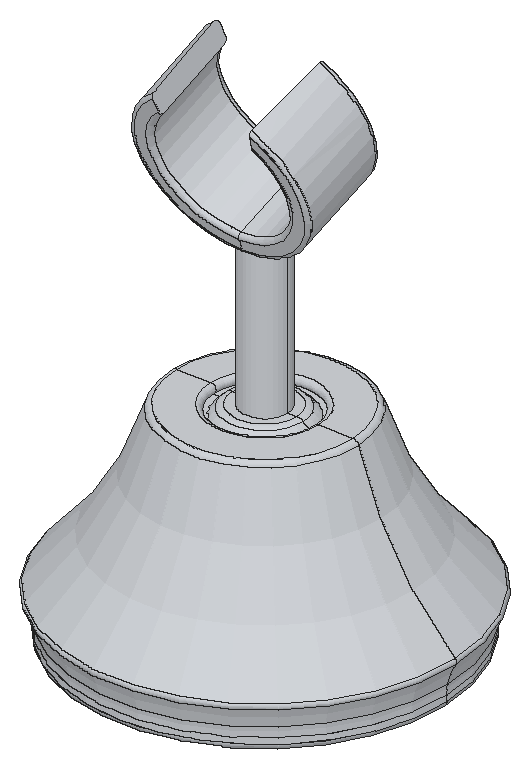
Revit family "Accessory-Handshower_Holder-KOHLER-FORTE-K-352T", category Specialty Equipment, host Face, Revit 2017
Family settings
  Host = Face
  Round Connector Dimension = Use Diameter
  Part Type = Normal
  OmniClass Number = 23.31.25.00
  OmniClass Title = Toilet and Bath Specialties
  Cut with Voids When Loaded = No
  Shared = No
  Room Calculation Point = No
Parameters (values of type "CP-Polished Chrome")
  Width = 2 1/2"  # constant formula
  WaterSense Certified = 1 = 0  # no
  URL = "http://www.kohler.com.cn/en/"
  Type = 1
  Product Page URL = "https://www.kohler.com.cn/en/product/K-352T-CP/K-352T-CP/"
  Product Name = "Forte"  # constant formula
  Product Documentation Link = "https://files.kohler.com.cn/pdfs/k_352t.pdf"
  Model = if(Type = 1, "K-352T-CP", if(Type = 2, "K-352T-AF", if(Type = 3, "K-352T-SN", "Not Available")))  # "K-352T-CP"
  Material = "Metal constriction"  # constant formula
  Master Format 2014 Name = "Toilet, Bath, and Laundry Accessories"  # constant formula
  Master Format 2014 = "10 28 00"  # constant formula
  Manufacturer Address = "Kohler Beijing Office (100016)\n36-2-03-B, No. 88, Liuxiang Road, Beijing"  # constant formula
  Manufacturer = "KOHLER Co."  # constant formula
  Length = 3 1/2"  # constant formula
  Height = 2 1/2"  # constant formula
  Finish = Kohler-Metal-CP-Polished_Chrome
  Environmental Product Declaration = ""
  Description = "WALLMOUNT HANDSHOWER HOLDER"  # constant formula
  Default Elevation = 42"
  Declare Label = ""
  Date Modified = "07/03/2020"  # constant formula
  Date Created = "07/03/2020"  # constant formula
  Copyright = "Copyright KOHLER Co."  # constant formula
  Contact Us = "http://www.kohler.com.cn/en/contact/contact-us/"
  Assembly Code = "C1030200"
  ADA Compliant = 1 = 0  # no
Types (4): name | Type | Product Page URL | Model | Finish
  (no name) | 1 | "https://www.kohler.com.cn/en/product/K-352T-CP/K-352T-CP/" | "K-352T-CP" | Kohler-Metal-CP-Polished_Chrome
  CP-Polished Chrome | 1 | "https://www.kohler.com.cn/en/product/K-352T-CP/K-352T-CP/" | "K-352T-CP" | Kohler-Metal-CP-Polished_Chrome
  AF- French Gold | 2 | "https://www.kohler.com.cn/en/product/K-352T-CP/K-352T-AF/" | "K-352T-AF" | Kohler-Metal-AF-Vibrant_French_Gold
  SN- Polished Nickel | 3 | "https://www.kohler.com.cn/en/product/K-352T-CP/K-352T-SN/" | "K-352T-SN" | Kohler-Metal-SN-Vibrant_Polished_Nickel
Reference planes (in)
  plane 1 "Center (Front/Back)": y = 0
  plane 2: z = 0
  plane 3 "Center (Left/Right)": x = 0
  plane 4: x = -1.25984
  plane 5: x = 1.24016
  plane 6: y = -1.25984
  plane 7: y = 1.24016
  plane 8: through (0, 0, 3.0134) normal (0, -0.342, 0.9397)
  plane 9: z = 3.5
Dimensions and locks (in)
  "Width": plane 4 to plane 5
  "Length": plane 9 to level
  "Height": plane 6 to plane 7
  angle plane 8 to plane 1 "Center (Front/Back)" = 70.00°
  aligned and locked: plane 2 to host face
  aligned and locked: level to host face
Automatic sketch dimensions
  host sketch curve to host sketch curve = 96"  (x2)
Nested families (in)
  nested 1: "K-352T" at (0, 0, 0), type "K-352T"
Definition of nested family "K-352T"
  Parameters (values of type "K-352T")
    Material = none
  Reference planes (in)
    plane 1 "Center (Front/Back)": y = 0
    plane 2: z = 0
    plane 3 "Center (Left/Right)": x = 0
    plane 4: x = 1.25984
    plane 5: x = -1.25984
    plane 6: z = 3.50394
    plane 7 "1": through (0, -0.25623, 2.92014) normal (0, -0.342, 0.9397)
    plane 8: y = -1.25984
    plane 9: y = 1.25984
  Forms (in)
    Revolve 1, solid, material <- "Material", detail levels medium+fine
      sketch origin (0, 0, 0) x (1, 0, 0) y (0, 0, 1)
        loop
          line (0, 0) -> (1.1579, 0)
          arc (1.1579, 0) -> (1.18604, 0.01166) -> (1.1977, 0.0398) r 0.0398
          line (1.1977, 0.0398) -> (1.1977, 0.08063)
          arc (1.1977, 0.08063) -> (1.19975, 0.11456) -> (1.20589, 0.14799) r 0.28091
          arc (1.20589, 0.14799) -> (1.22696, 0.21407) -> (1.25662, 0.27676) r 0.52146
          arc (1.25662, 0.27676) -> (1.25976, 0.29448) -> (1.2513, 0.31037) r 0.02756
          arc (1.2513, 0.31037) -> (0.86314, 0.78515) -> (0.61792, 1.34724) r 2.24529
          arc (0.61792, 1.34724) -> (0.60426, 1.36728) -> (0.58127, 1.375) r 0.03808
          line (0.58127, 1.375) -> (0.35486, 1.375)
          arc (0.35486, 1.375) -> (0.32486, 1.345) -> (0.35486, 1.315) r 0.03
          line (0.35486, 1.315) -> (0.29614, 1.315)
          arc (0.29614, 1.315) -> (0.2758, 1.3387) -> (0.2531, 1.36014) r 0.29815
          arc (0.2531, 1.36014) -> (0.23401, 1.37123) -> (0.21226, 1.375) r 0.06247
          line (0.21226, 1.375) -> (0.15001, 1.375) -> (0.15001, 2.47196) -> (0, 2.47196) -> (0, 0)
        axis (0, 2.47196) -> (0, 0)
      angle from 0 to 360
    Revolve 2, solid, material <- "Material", detail levels medium+fine
      sketch origin (0, 0, 0) x (0, 1, 0) y (0, 0, 1)
        loop
          line (-0.2128, 2.43893) -> (-0.18678, 2.36744)
          arc (-0.18678, 2.36744) -> (-0.17576, 2.35379) -> (-0.15869, 2.34978) r 0.02704
          line (-0.15869, 2.34978) -> (0.36702, 2.53866)
          arc (0.36702, 2.53866) -> (0.38398, 2.5541) -> (0.385, 2.57702) r 0.0299
          line (0.385, 2.57702) -> (0.3593, 2.64765)
          arc (0.3593, 2.64765) -> (0.34385, 2.66451) -> (0.32101, 2.6655) r 0.02987
          line (0.32101, 2.6655) -> (-0.19467, 2.47781)
          arc (-0.19467, 2.47781) -> (-0.21179, 2.46213) -> (-0.2128, 2.43893) r 0.03033
        axis (-0.37254, 2.87781) -> (0.19972, 3.08609)
      angle from 0 to 360
    Extrusion 3, void
      sketch origin (0, 0, 0) x (1, 0, 0) y (0, 0, 1)
        loop
          line (0.37853, 3.72276) -> (-0.37853, 3.72276) -> (-0.28195, 3.03556) -> (0.28195, 3.03556) -> (0.37853, 3.72276)
      from -0.41161 to 0.7799
    Revolve 4, solid, material <- "Material", detail levels coarse
      sketch origin (0, 0, 0) x (1, 0, 0) y (0, 0, 1)
        loop
          line (-0.15001, 2.47196) -> (-0.15001, 1.375) -> (-0.61792, 1.375) -> (-1.1977, 0.3937) -> (-1.1977, 0) -> (0, 0) -> (0, 2.47196) -> (-0.15001, 2.47196)
        axis (0, 2.47196) -> (0, 0)
      angle from 0 to 360
    Revolve 5, solid, material <- "Material", detail levels coarse
      sketch origin (0, 0, 0) x (0, 1, 0) y (0, 0, 1)
        loop
          line (0.39471, 2.54974) -> (0.34886, 2.6757) -> (-0.22319, 2.46749) -> (-0.17735, 2.34153) -> (0.39471, 2.54974)
        axis (0.19952, 3.08602) -> (-0.37254, 2.87781)
      angle from 0 to 360
  Cuts and joins
    Extrusion 3 cuts Revolve 1
    Extrusion 3 cuts Revolve 2
    joined: Revolve 1, Revolve 2
    Extrusion 3 cuts Revolve 5
    joined: Revolve 4, Revolve 5
  Lines and regions (in)
    Masking region 1
      outline origin (0, 0, 0) x (1, 0, 0) y (0, 1, 0)
        loop
          circle (0, 0) r 1.26003
    Masking region 2
      outline origin (0, 0, 0) x (0, 1, 0) y (0, 0, 1)
        loop
          spline (0.01334, 3.50133) -> (-0.03063, 3.48674) -> (-0.07459, 3.47213) -> (-0.11855, 3.45751) -> (-0.1625, 3.44288) -> (-0.20646, 3.42824) -> (-0.2504, 3.41359) -> (-0.29435, 3.39893) -> (-0.33829, 3.38426) -> (-0.38223, 3.36958) -> (-0.42616, 3.35488) -> (-0.47009, 3.34018) -> (-0.51401, 3.32546)
          arc (-0.51401, 3.32546) -> (-0.52393, 3.30998) -> (-0.52315, 3.2916) r 0.0305
          line (-0.52315, 3.2916) -> (-0.18778, 2.37018)
          arc (-0.18778, 2.37018) -> (-0.17307, 2.35238) -> (-0.15001, 2.35318) r 0.02613
          line (-0.15001, 2.35318) -> (-0.15001, 1.375) -> (-0.582, 1.375)
          arc (-0.582, 1.375) -> (-0.60441, 1.36748) -> (-0.61774, 1.34796) r 0.03714
          arc (-0.61774, 1.34796) -> (-0.71575, 1.07118) -> (-0.84873, 0.80941) r 2.26512
          arc (-0.84873, 0.80941) -> (-1.03289, 0.54432) -> (-1.2533, 0.30851) r 2.23542
          arc (-1.2533, 0.30851) -> (-1.25984, 0.29114) -> (-1.25471, 0.27329) r 0.0295
          arc (-1.25471, 0.27329) -> (-1.23359, 0.22985) -> (-1.2164, 0.1847) r 0.54346
          arc (-1.2164, 0.1847) -> (-1.20315, 0.13032) -> (-1.1977, 0.07462) r 0.39607
          line (-1.1977, 0.07462) -> (-1.1977, 0.03808)
          arc (-1.1977, 0.03808) -> (-1.18654, 0.01115) -> (-1.15962, 0) r 0.03808
          line (-1.15962, 0) -> (0, 0) -> (1.15962, 0)
          arc (1.15962, 0) -> (1.18654, 0.01115) -> (1.1977, 0.03808) r 0.03808
          line (1.1977, 0.03808) -> (1.1977, 0.07462)
          arc (1.1977, 0.07462) -> (1.20315, 0.13032) -> (1.2164, 0.1847) r 0.39607
          arc (1.2164, 0.1847) -> (1.23359, 0.22985) -> (1.25471, 0.27329) r 0.54346
          arc (1.25471, 0.27329) -> (1.25984, 0.29114) -> (1.2533, 0.30851) r 0.0295
          arc (1.2533, 0.30851) -> (1.03289, 0.54432) -> (0.84873, 0.80941) r 2.23542
          arc (0.84873, 0.80941) -> (0.71575, 1.07118) -> (0.61774, 1.34796) r 2.26512
          arc (0.61774, 1.34796) -> (0.60441, 1.36748) -> (0.582, 1.375) r 0.03714
          line (0.582, 1.375) -> (0.15001, 1.375) -> (0.15001, 2.43004)
          arc (0.15001, 2.43004) -> (0.15792, 2.45514) -> (0.17879, 2.47115) r 0.04375
          line (0.17879, 2.47115) -> (0.36975, 2.54065)
          arc (0.36975, 2.54065) -> (0.38474, 2.55439) -> (0.38562, 2.5747) r 0.02656
          line (0.38562, 2.5747) -> (0.05645, 3.47908)
          arc (0.05645, 3.47908) -> (0.0399, 3.49989) -> (0.01334, 3.50133) r 0.03244
    Masking region 3
      outline origin (0, 0, 0) x (1, 0, 0) y (0, 0, 1)
        loop
          line (0, 0) -> (1.1579, 0)
          arc (1.1579, 0) -> (1.18604, 0.01166) -> (1.1977, 0.0398) r 0.0398
          line (1.1977, 0.0398) -> (1.1977, 0.07462)
          arc (1.1977, 0.07462) -> (1.20337, 0.13028) -> (1.2164, 0.1847) r 0.41987
          arc (1.2164, 0.1847) -> (1.23417, 0.23145) -> (1.25634, 0.27627) r 0.52146
          arc (1.25634, 0.27627) -> (1.25982, 0.29287) -> (1.2533, 0.30851) r 0.02861
          arc (1.2533, 0.30851) -> (0.86385, 0.78398) -> (0.61792, 1.34724) r 2.24529
          arc (0.61792, 1.34724) -> (0.60426, 1.36728) -> (0.58127, 1.375) r 0.03808
          line (0.58127, 1.375) -> (0.15001, 1.375) -> (0.15001, 2.36868)
          spline (0.15001, 2.36868) -> (0.20869, 2.38702) -> (0.26492, 2.41122) -> (0.31801, 2.44102) -> (0.36736, 2.47605) -> (0.41237, 2.51591) -> (0.45251, 2.56011) -> (0.48732, 2.60815) -> (0.51637, 2.65945) -> (0.53933, 2.71341) -> (0.55593, 2.7694) -> (0.56597, 2.82674) -> (0.56933, 2.88477)
          arc (0.56933, 2.88477) -> (0.57251, 3.02304) -> (0.56373, 3.16106) r 1.59956
          arc (0.56373, 3.16106) -> (0.49006, 3.35398) -> (0.34773, 3.50361) r 0.52534
          line (0.34773, 3.50361) -> (0.30265, 3.18286)
          arc (0.30265, 3.18286) -> (0.37893, 3.09156) -> (0.42443, 2.98164) r 0.39333
          arc (0.42443, 2.98164) -> (-0.00011, 2.66761) -> (-0.42464, 2.98164) r 0.44398
          arc (-0.42464, 2.98164) -> (-0.37836, 3.09116) -> (-0.30265, 3.18286) r 0.41095
          line (-0.30265, 3.18286) -> (-0.34773, 3.50361)
          arc (-0.34773, 3.50361) -> (-0.47071, 3.38256) -> (-0.54783, 3.22819) r 0.52534
          arc (-0.54783, 3.22819) -> (-0.5556, 3.20108) -> (-0.56233, 3.17368) r 0.73634
          arc (-0.56233, 3.17368) -> (-0.57237, 3.02939) -> (-0.56933, 2.88477) r 1.59956
          spline (-0.56933, 2.88477) -> (-0.56597, 2.82674) -> (-0.55593, 2.7694) -> (-0.53933, 2.71341) -> (-0.51637, 2.65945) -> (-0.48732, 2.60815) -> (-0.45251, 2.56011) -> (-0.41237, 2.51591) -> (-0.36736, 2.47605) -> (-0.31801, 2.44102) -> (-0.26492, 2.41122) -> (-0.20869, 2.38702) -> (-0.15001, 2.36868)
          line (-0.15001, 2.36868) -> (-0.15001, 1.375) -> (-0.58127, 1.375)
          arc (-0.58127, 1.375) -> (-0.60426, 1.36728) -> (-0.61792, 1.34724) r 0.03808
          arc (-0.61792, 1.34724) -> (-0.86385, 0.78398) -> (-1.2533, 0.30851) r 2.24529
          arc (-1.2533, 0.30851) -> (-1.25982, 0.29287) -> (-1.25634, 0.27627) r 0.02861
          arc (-1.25634, 0.27627) -> (-1.23417, 0.23145) -> (-1.2164, 0.1847) r 0.52146
          arc (-1.2164, 0.1847) -> (-1.20337, 0.13028) -> (-1.1977, 0.07462) r 0.41987
          line (-1.1977, 0.07462) -> (-1.1977, 0.0398)
          arc (-1.1977, 0.0398) -> (-1.18604, 0.01166) -> (-1.1579, 0) r 0.0398
          line (-1.1579, 0) -> (0, 0)
    symbolic lines, detail levels medium+fine
      curve 1: spline (-0.56895, 0.17109, 0) -> (-0.54954, 0.22692, 0) -> (-0.49264, 0.27895, 0) -> (-0.40213, 0.32362, 0) -> (-0.28417, 0.3579, 0) -> (-0.1468, 0.37945, 0) -> (0.00062, 0.3868, 0) -> (0.14803, 0.37945, 0) -> (0.2854, 0.3579, 0) -> (0.40337, 0.32362, 0) -> (0.49388, 0.27895, 0) -> (0.55078, 0.22692, 0) -> (0.57019, 0.17109, 0)
      curve 2: line (-0.56895, 0.17109, 0) -> (-0.56895, -0.35445, 0)
      curve 3: line (0.57019, 0.17109, 0) -> (0.57019, -0.35341, 0)
      curve 4: arc (-0.33082, 0.09154, 0) -> (-0.37253, 0.10844, 0) -> (-0.41051, 0.13257, 0) r 0.24898
      curve 5: arc (-0.41051, 0.13257, 0) -> (-0.42776, 0.14932, 0) -> (-0.43671, 0.17164, 0) r 0.05783
      curve 6: arc (0.32992, 0.09119, 0) -> (0.37213, 0.10816, 0) -> (0.41055, 0.13251, 0) r 0.24901
      curve 7: arc (0.41055, 0.13251, 0) -> (0.42781, 0.14927, 0) -> (0.43677, 0.17161, 0) r 0.05787
      curve 8: arc (-0.32166, -0.52296, 0) -> (-0.41965, -0.49487, 0) -> (-0.50938, -0.4465, 0) r 0.47463
      curve 9: arc (-0.50938, -0.4465, 0) -> (-0.54836, -0.40643, 0) -> (-0.56895, -0.35445, 0) r 0.14267
      curve 10: arc (0.3223, -0.52225, 0) -> (0.42411, -0.49391, 0) -> (0.51583, -0.44141, 0) r 0.42668
      curve 11: arc (0.51583, -0.44141, 0) -> (0.55307, -0.40363, 0) -> (0.57019, -0.35341, 0) r 0.11901
      curve 12: spline (-0.56933, -0.35341, 0) -> (-0.56748, -0.3691, 0) -> (-0.56193, -0.3847, 0) -> (-0.55273, -0.40008, 0) -> (-0.53994, -0.41517, 0) -> (-0.52363, -0.42985, 0) -> (-0.50391, -0.44403, 0) -> (-0.48092, -0.45763, 0) -> (-0.4548, -0.47055, 0) -> (-0.42572, -0.4827, 0) -> (-0.39386, -0.49402, 0) -> (-0.35945, -0.50442, 0) -> (-0.3227, -0.51383, 0)
      curve 13: spline (0.56724, -0.37009, 0) -> (0.56206, -0.38445, 0) -> (0.55377, -0.39863, 0) -> (0.54242, -0.41257, 0) -> (0.52808, -0.42618, 0) -> (0.51083, -0.43939, 0) -> (0.49075, -0.45213, 0) -> (0.46797, -0.46432, 0) -> (0.4426, -0.47589, 0) -> (0.41479, -0.4868, 0) -> (0.38469, -0.49696, 0) -> (0.35246, -0.50633, 0) -> (0.31829, -0.51486, 0)
      curve 14: spline (-0.34672, -0.26526, 0) -> (-0.33833, -0.26211, 0) -> (-0.32961, -0.25905, 0) -> (-0.32058, -0.25607, 0) -> (-0.31124, -0.25317, 0) -> (-0.3016, -0.25036, 0) -> (-0.29167, -0.24764, 0) -> (-0.28146, -0.24501, 0) -> (-0.27098, -0.24248, 0) -> (-0.26024, -0.24004, 0) -> (-0.24925, -0.23771, 0) -> (-0.23802, -0.23547, 0) -> (-0.22657, -0.23334, 0)
      curve 15: arc (0.26117, -0.24024, 0) -> (0, -0.35486, 0) -> (-0.26117, -0.24025, 0) r 0.35486
      curve 16: spline (-0.22657, -0.23334, 0) -> (-0.17945, -0.226, 0) -> (-0.12967, -0.22041, 0) -> (-0.07796, -0.21666, 0) -> (-0.0251, -0.21479, 0) -> (0.02815, -0.21485, 0) -> (0.08097, -0.21682, 0) -> (0.13259, -0.22068, 0) -> (0.18224, -0.22637, 0) -> (0.22918, -0.23381, 0) -> (0.27271, -0.24288, 0) -> (0.31219, -0.25345, 0) -> (0.34703, -0.26537, 0)
      curve 17: arc (-0.22657, -0.23334, 0) -> (0, -0.32524, 0) -> (0.22657, -0.23334, 0) r 0.32524
      curve 18: arc (-0.31863, -0.51706, 0) -> (0.00037, -0.60735, 0) -> (0.31927, -0.51667, 0) r 0.60735
      curve 19: arc (-0.37992, -0.50903, 0) -> (-0.00075, -0.63518, 0) -> (0.37871, -0.50993, 0) r 0.63518
      curve 20: arc (0.57019, -0.27988, 0) -> (-0.0014, 0.63517, 0) -> (-0.56895, -0.28239, 0) r 0.63518
      curve 21: arc (0.57019, -0.2092, 0) -> (-0.00179, 0.60735, 0) -> (-0.56895, -0.21255, 0) r 0.60735
      curve 22: spline (-0.32227, -0.52286, 0) -> (-0.3244, -0.47781, 0) -> (-0.32651, -0.43276, 0) -> (-0.32863, -0.38771, 0) -> (-0.33075, -0.34266, 0) -> (-0.33286, -0.2976, 0) -> (-0.33498, -0.25253, 0) -> (-0.33709, -0.20747, 0) -> (-0.3392, -0.1624, 0) -> (-0.34131, -0.11732, 0) -> (-0.34341, -0.07224, 0) -> (-0.34552, -0.02716, 0) -> (-0.34762, 0.01793, 0)
      curve 23: spline (-0.32607, 0.07408, 0) -> (-0.32414, 0.03009, 0) -> (-0.32221, -0.01389, 0) -> (-0.32027, -0.05787, 0) -> (-0.31834, -0.10184, 0) -> (-0.31639, -0.1458, 0) -> (-0.31445, -0.18975, 0) -> (-0.3125, -0.2337, 0) -> (-0.31055, -0.27764, 0) -> (-0.3086, -0.32158, 0) -> (-0.30664, -0.36551, 0) -> (-0.30468, -0.40943, 0) -> (-0.30272, -0.45334, 0)
      curve 24: line (-0.34429, 0.05666, 0) -> (-0.33082, 0.09154, 0)
      curve 25: spline (-0.30272, -0.45334, 0) -> (-0.30267, -0.45763, 0) -> (-0.3027, -0.46193, 0) -> (-0.30279, -0.46618, 0) -> (-0.30296, -0.47032, 0) -> (-0.3032, -0.47428, 0) -> (-0.3035, -0.47801, 0) -> (-0.30386, -0.48146, 0) -> (-0.30427, -0.48457, 0) -> (-0.30473, -0.4873, 0) -> (-0.30524, -0.48962, 0) -> (-0.30578, -0.49148, 0) -> (-0.30635, -0.49286, 0)
      curve 26: spline (-0.34762, 0.01793, 0) -> (-0.34769, 0.02205, 0) -> (-0.34769, 0.02619, 0) -> (-0.34762, 0.03031, 0) -> (-0.34748, 0.03433, 0) -> (-0.34727, 0.0382, 0) -> (-0.34699, 0.04185, 0) -> (-0.34666, 0.04522, 0) -> (-0.34627, 0.04828, 0) -> (-0.34583, 0.05097, 0) -> (-0.34534, 0.05325, 0) -> (-0.34483, 0.05509, 0) -> (-0.34428, 0.05645, 0)
      curve 27: spline (-0.33228, 0.08734, 0) -> (-0.33173, 0.08903, 0) -> (-0.33116, 0.09021, 0) -> (-0.33057, 0.09087, 0) -> (-0.32998, 0.09098, 0) -> (-0.32939, 0.09056, 0) -> (-0.32881, 0.0896, 0) -> (-0.32825, 0.08813, 0) -> (-0.32772, 0.08616, 0) -> (-0.32723, 0.08373, 0) -> (-0.32679, 0.08088, 0) -> (-0.3264, 0.07764, 0) -> (-0.32607, 0.07408, 0)
      curve 28: spline (0.34762, 0.01793, 0) -> (0.34552, -0.02711, 0) -> (0.34342, -0.07214, 0) -> (0.34131, -0.11717, 0) -> (0.33921, -0.16219, 0) -> (0.3371, -0.20721, 0) -> (0.33499, -0.25223, 0) -> (0.33288, -0.29724, 0) -> (0.33077, -0.34225, 0) -> (0.32865, -0.38726, 0) -> (0.32654, -0.43226, 0) -> (0.32442, -0.47726, 0) -> (0.3223, -0.52225, 0)
      curve 29: spline (0.30269, -0.45332, 0) -> (0.30466, -0.4094, 0) -> (0.30662, -0.36548, 0) -> (0.30857, -0.32154, 0) -> (0.31053, -0.2776, 0) -> (0.31248, -0.23365, 0) -> (0.31443, -0.1897, 0) -> (0.31637, -0.14573, 0) -> (0.31831, -0.10176, 0) -> (0.32025, -0.05779, 0) -> (0.32219, -0.0138, 0) -> (0.32412, 0.03019, 0) -> (0.32605, 0.07418, 0)
      curve 30: spline (0.30621, -0.4926, 0) -> (0.30565, -0.49115, 0) -> (0.30513, -0.48923, 0) -> (0.30463, -0.48689, 0) -> (0.30419, -0.48414, 0) -> (0.30378, -0.48104, 0) -> (0.30344, -0.47762, 0) -> (0.30315, -0.47393, 0) -> (0.30292, -0.47002, 0) -> (0.30276, -0.46595, 0) -> (0.30267, -0.46177, 0) -> (0.30265, -0.45754, 0) -> (0.30269, -0.45332, 0)
      curve 31: line (0.33084, 0.09147, 0) -> (0.34429, 0.05666, 0)
      curve 32: spline (0.32605, 0.07418, 0) -> (0.32626, 0.07659, 0) -> (0.3265, 0.07887, 0) -> (0.32676, 0.08099, 0) -> (0.32705, 0.08294, 0) -> (0.32735, 0.08471, 0) -> (0.32768, 0.08629, 0) -> (0.32803, 0.08767, 0) -> (0.32839, 0.08883, 0) -> (0.32876, 0.08977, 0) -> (0.32914, 0.09048, 0) -> (0.32953, 0.09095, 0) -> (0.32992, 0.09119, 0)
      curve 33: spline (0.34428, 0.05645, 0) -> (0.34483, 0.05509, 0) -> (0.34534, 0.05325, 0) -> (0.34583, 0.05097, 0) -> (0.34627, 0.04828, 0) -> (0.34666, 0.04522, 0) -> (0.34699, 0.04185, 0) -> (0.34727, 0.0382, 0) -> (0.34748, 0.03433, 0) -> (0.34762, 0.03031, 0) -> (0.34769, 0.02619, 0) -> (0.34769, 0.02205, 0) -> (0.34762, 0.01793, 0)
      curve 34: line (0.3223, -0.52225, 0) -> (0.30621, -0.4926, 0)
      curve 35: line (-0.30634, -0.49312, 0) -> (-0.32166, -0.52296, 0)
      curve 36: spline (0.43677, 0.17161, 0) -> (0.42189, 0.20384, 0) -> (0.37826, 0.23387, 0) -> (0.30885, 0.25966, 0) -> (0.2184, 0.27945, 0) -> (0.11307, 0.29189, 0) -> (0.00003, 0.29614, 0) -> (-0.11301, 0.29189, 0) -> (-0.21834, 0.27945, 0) -> (-0.30879, 0.25966, 0) -> (-0.3782, 0.23387, 0) -> (-0.42183, 0.20384, 0) -> (-0.43671, 0.17161, 0)
      curve 37: arc (-0.56697, 0.18409, 0) -> (-0.55634, 0.13965, 0) -> (-0.52544, 0.106, 0) r 0.09089
      curve 38: arc (-0.52544, 0.106, 0) -> (-0.43992, 0.06345, 0) -> (-0.34706, 0.04104, 0) r 0.42601
      curve 39: arc (-0.34429, 0.05666, 0) -> (-0.43111, 0.08465, 0) -> (-0.51001, 0.13044, 0) r 0.42728
      curve 40: arc (-0.51001, 0.13044, 0) -> (-0.52782, 0.14864, 0) -> (-0.53883, 0.17161, 0) r 0.0782
      curve 41: arc (0.34429, 0.05666, 0) -> (0.43111, 0.08465, 0) -> (0.51001, 0.13044, 0) r 0.42728
      curve 42: arc (0.51001, 0.13044, 0) -> (0.52782, 0.14864, 0) -> (0.53883, 0.17161, 0) r 0.0782
      curve 43: spline (-0.53883, 0.17161, 0) -> (-0.52047, 0.22555, 0) -> (-0.46664, 0.27582, 0) -> (-0.38101, 0.31898, 0) -> (-0.26942, 0.3521, 0) -> (-0.13946, 0.37292, 0) -> (0, 0.38002, 0) -> (0.13946, 0.37292, 0) -> (0.26942, 0.3521, 0) -> (0.38101, 0.31898, 0) -> (0.46664, 0.27582, 0) -> (0.52047, 0.22555, 0) -> (0.53883, 0.17161, 0)
      curve 44: arc (0.56697, 0.18409, 0) -> (0.55634, 0.13965, 0) -> (0.52544, 0.106, 0) r 0.09089
      curve 45: arc (0.52544, 0.106, 0) -> (0.43992, 0.06345, 0) -> (0.34706, 0.04104, 0) r 0.42601
      curve 46: spline (-0.42656, 0.17161, 0) -> (-0.4121, 0.19984, 0) -> (-0.36973, 0.22615, 0) -> (-0.30232, 0.24875, 0) -> (-0.21448, 0.26608, 0) -> (-0.11218, 0.27698, 0) -> (-0.0024, 0.2807, 0) -> (0.10738, 0.27698, 0) -> (0.20968, 0.26608, 0) -> (0.29753, 0.24875, 0) -> (0.36494, 0.22615, 0) -> (0.40731, 0.19984, 0) -> (0.42176, 0.17161, 0)
      curve 47: arc (0.42176, 0.17161, 0) -> (0.41923, 0.15191, 0) -> (0.41181, 0.13349, 0) r 0.07794
      curve 48: arc (0, 0.17879, 2.47115) -> (0, 0.003, 2.42972) -> (0, -0.15801, 2.34791) r 0.75852
      curve 49: arc (0, 0.15001, 2.43004) -> (0, -0.00591, 2.39948) -> (0, -0.15001, 2.33256) r 0.6604
      curve 50: line (0, 0.15001, 1.375) -> (0, -0.15001, 1.375)
      curve 51: line (0, -0.61774, 1.34796) -> (0, 0.61774, 1.34796)
      curve 52: line (0, -1.2533, 0.30851) -> (0, 1.2533, 0.30851)
      curve 53: line (0, -1.25471, 0.27329) -> (0, 1.25471, 0.27329)
      curve 54: line (0, -1.1977, 0.03808) -> (0, 1.1977, 0.03808)
      curve 55: line (0, -0.51383, 3.32552) -> (0, -0.15801, 2.34791)
      curve 56: line (0, 0.36975, 2.54065) -> (0, 0.01947, 3.50305)
      curve 57: line (-0.61792, 0, 1.34724) -> (0.61792, 0, 1.34724)
      curve 58: line (-1.25634, 0, 0.27627) -> (1.25634, 0, 0.27627)
      curve 59: line (1.2533, 0, 0.30851) -> (-1.2533, 0, 0.30851)
      curve 60: line (-1.1977, 0, 0.0398) -> (1.1977, 0, 0.0398)
      curve 61: line (-0.15001, 0, 1.375) -> (0.15001, 0, 1.375)
      curve 62: arc (-0.32381, 0, 3.32726) -> (-0.50193, 0, 3.13646) -> (-0.57133, 0, 2.88483) r 0.54689
      curve 63: arc (0.32452, 0, 3.32831) -> (0.50218, 0, 3.1366) -> (0.57261, 0, 2.88489) r 0.55597
      curve 64: arc (-0.42656, 0.17161, 0) -> (-0.42386, 0.15013, 0) -> (-0.41088, 0.13281, 0) r 0.04227
      curve 65: spline (0.00038, 0, 2.4607) -> (-0.01951, 0, 2.4604) -> (-0.03905, 0, 2.45954) -> (-0.0579, 0, 2.45813) -> (-0.07572, 0, 2.45619) -> (-0.09219, 0, 2.45376) -> (-0.10704, 0, 2.45088) -> (-0.11999, 0, 2.4476) -> (-0.13083, 0, 2.44398) -> (-0.13935, 0, 2.44009) -> (-0.14541, 0, 2.43598) -> (-0.14891, 0, 2.43174) -> (-0.14978, 0, 2.42743)
      curve 66: spline (0.14996, 0, 2.42743) -> (0.14892, 0, 2.43409) -> (0.14528, 0, 2.44031) -> (0.13913, 0, 2.446) -> (0.13056, 0, 2.45104) -> (0.11972, 0, 2.45536) -> (0.10681, 0, 2.45887) -> (0.09204, 0, 2.46152) -> (0.07569, 0, 2.46325) -> (0.05803, 0, 2.46404) -> (0.03937, 0, 2.46387) -> (0.02004, 0, 2.46275) -> (0.00038, 0, 2.4607)
      curve 67: line (0.14978, 0, 2.36966) -> (0.14996, 0, 2.42743)
      curve 68: line (-0.14978, 0, 2.36966) -> (-0.14978, 0, 2.42743)
  Dimensions and locks (in)
    plane 4 to plane 5 = 2.51969"
    plane 6 to level = 3.50394"
    angle plane 7 "1" to plane 1 "Center (Front/Back)" = 70.00°
    aligned and locked: plane 2 to level
  Automatic sketch dimensions
    Revolve 2 sketch curve to plane 7 "1" = 0"  (x2)
    plane 1 "Center (Front/Back)" to Revolve 2 sketch curve = 0.2128"
    Revolve 2 sketch curve to Revolve 2 sketch curve = 0.01813"
    Revolve 2 sketch curve to Revolve 2 sketch curve = 0.02602"
    Revolve 2 sketch curve to Revolve 2 sketch curve = 0.01037"
    Revolve 2 sketch curve to Revolve 2 sketch curve = 0.02541"
    Revolve 2 sketch curve to Revolve 2 sketch curve = 0.00268"
    Revolve 2 sketch curve to plane 1 "Center (Front/Back)" = 0.32101"
    Revolve 2 sketch curve to Revolve 2 sketch curve = 0.01022"
    Revolve 2 sketch curve to Revolve 2 sketch curve = 0.02568"
    Revolve 2 sketch curve to Revolve 2 sketch curve = 0.02807"
    Revolve 2 sketch curve to Revolve 2 sketch curve = 0.01011"
    Revolve 2 sketch curve to Revolve 2 sketch curve = 0.02809"
    Revolve 2 sketch curve to plane 6 = 1.15416"
    plane 1 "Center (Front/Back)" to Revolve 2 sketch curve = 0.41397"
    Revolve 2 sketch curve to plane 1 "Center (Front/Back)" = 0.14096"
    plane 1 "Center (Front/Back)" to Masking region 1 sketch curve = 0"
    Masking region 1 sketch curve to plane 3 "Center (Left/Right)" = 0"
    Extrusion 3 sketch curve to plane 3 "Center (Left/Right)" = 0.37853"
    Extrusion 3 sketch curve to plane 3 "Center (Left/Right)" = 0.28195"
    plane 3 "Center (Left/Right)" to Extrusion 3 sketch curve = 0.28195"
    plane 3 "Center (Left/Right)" to Extrusion 3 sketch curve = 0.37853"
    Extrusion 3 sketch curve to plane 6 = 0.46838"
    plane 6 to Extrusion 3 sketch curve = 0.21882"
    Masking region 2 sketch curve to level = 0"
    Masking region 2 sketch curve to plane 1 "Center (Front/Back)" = 0"
    plane 1 "Center (Front/Back)" to Masking region 2 sketch curve = 0.15001"
    Masking region 2 sketch curve to Masking region 2 sketch curve = 0.01234"
    Masking region 2 sketch curve to Masking region 2 sketch curve = 0.02542"
    plane 1 "Center (Front/Back)" to Masking region 2 sketch curve = 0.49448"
    Masking region 2 sketch curve to plane 6 = 0.21234"
    Masking region 2 sketch curve to Masking region 2 sketch curve = 0.02866"
    Masking region 2 sketch curve to Masking region 2 sketch curve = 0.43199"  (x2)
    plane 8 to Masking region 2 sketch curve = 0.10023"
    level to Masking region 2 sketch curve = 0.03808"  (x2)
    plane 8 to Masking region 2 sketch curve = 0.02948"
    level to Masking region 2 sketch curve = 0.06398"  (x2)
    Masking region 2 sketch curve to plane 8 = 0.33378"
    level to Masking region 2 sketch curve = 0.01411"  (x2)
    Masking region 2 sketch curve to Masking region 2 sketch curve = 0.13877"  (x2)
    Masking region 2 sketch curve to plane 8 = 1.51208"
    Masking region 2 sketch curve to Masking region 2 sketch curve = 0.02555"  (x2)
    Masking region 2 sketch curve to plane 1 "Center (Front/Back)" = 0.02502"
    Masking region 2 sketch curve to plane 6 = 0.02485"
    Masking region 2 sketch curve to Masking region 2 sketch curve = 0.03144"
    Masking region 2 sketch curve to plane 1 "Center (Front/Back)" = 0.15001"
    Masking region 2 sketch curve to Masking region 2 sketch curve = 0.02878"
    Masking region 2 sketch curve to Masking region 2 sketch curve = 0.01496"
    Masking region 2 sketch curve to Masking region 2 sketch curve = 0.18187"
    Masking region 2 sketch curve to Masking region 2 sketch curve = 0.00908"
    Masking region 2 sketch curve to Masking region 2 sketch curve = 0.02496"
    plane 9 to Masking region 2 sketch curve = 0.10023"
    plane 9 to Masking region 2 sketch curve = 0.02948"
    Masking region 2 sketch curve to plane 9 = 0.33378"
    Masking region 2 sketch curve to plane 9 = 1.51208"
    Masking region 2 sketch curve to Masking region 2 sketch curve = 0.03654"  (x2)
    Masking region 2 sketch curve to Masking region 2 sketch curve = 0.21533"  (x2)
    Masking region 2 sketch curve to Masking region 2 sketch curve = 0"  (x6)
    Masking region 2 sketch curve to Masking region 2 sketch curve = 0.03714"
    Masking region 2 sketch curve to plane 6 = 1.55503"  (x2)
    Masking region 2 sketch curve to Masking region 2 sketch curve = 0.01514"  (x2)
    Masking region 2 sketch curve to Masking region 2 sketch curve = 0.07686"
    Masking region 2 sketch curve to Masking region 2 sketch curve = 0.01699"
    Masking region 2 sketch curve to Masking region 2 sketch curve = 0.00802"
    Masking region 2 sketch curve to Masking region 2 sketch curve = 5/256"
    plane 8 to Masking region 2 sketch curve = 0.04344"
    plane 8 to Masking region 2 sketch curve = 0.00655"
    Masking region 2 sketch curve to plane 8 = 125.80669"
    Masking region 2 sketch curve to plane 6 = 0.0026"
    plane 9 to Masking region 2 sketch curve = 0.04344"
    plane 9 to Masking region 2 sketch curve = 0.00655"
    Masking region 2 sketch curve to plane 9 = 57.93807"
    Masking region 2 sketch curve to Masking region 2 sketch curve = 1.09219"
    plane 1 "Center (Front/Back)" to curve 55 = 0.15801"
    curve 49 to plane 1 "Center (Front/Back)" = 0.19817"
    curve 49 to curve 48 = 0.06549"
    level to curve 48 = 1.71739"
    curve 48 to curve 49 = 0.05401"
    curve 49 to curve 55 = 0.57651"
    curve 55 to plane 6 = 0.17841"
    plane 1 "Center (Front/Back)" to curve 55 = 0.51383"
    plane 1 "Center (Front/Back)" to curve 51 = 0.61774"
    plane 8 to curve 54 = 0.06215"
    plane 8 to curve 52 = 0.00655"
    plane 8 to curve 53 = 0.00513"
    curve 48 to curve 49 = 0.008"
    plane 1 "Center (Front/Back)" to curve 50 = 0.15001"
    curve 56 to plane 6 = 0.00089"
    curve 56 to plane 1 "Center (Front/Back)" = 0.01947"
    curve 50 to plane 1 "Center (Front/Back)" = 0.15001"
    curve 49 to plane 1 "Center (Front/Back)" = 0.15001"
    curve 49 to curve 48 = 0.02878"
    curve 48 to curve 56 = 0.19096"
    curve 50 to curve 51 = 0.46774"
    plane 9 to curve 54 = 0.06215"
    plane 9 to curve 52 = 0.00655"
    plane 9 to curve 53 = 0.00513"
    curve 50 to curve 48 = 0.34239"
    curve 51 to curve 50 = 0.02704"
    level to curve 52 = 0.30851"
    curve 53 to curve 52 = 0.03522"
    level to curve 54 = 0.03808"
    curve 49 to curve 48 = 0.01534"
    curve 48 to curve 56 = 0.0695"
    Masking region 3 sketch curve to level = 0"
    Masking region 3 sketch curve to plane 3 "Center (Left/Right)" = 0"  (x3)
    Masking region 3 sketch curve to plane 3 "Center (Left/Right)" = 0.00011"
    Masking region 3 sketch curve to plane 3 "Center (Left/Right)" = 0.02694"
    Masking region 3 sketch curve to plane 3 "Center (Left/Right)" = 0.0457"
    Masking region 3 sketch curve to plane 3 "Center (Left/Right)" = 0.15001"
    Masking region 3 sketch curve to Masking region 3 sketch curve = 0.25695"
    Masking region 3 sketch curve to plane 6 = 0.00033"  (x2)
    Masking region 3 sketch curve to Masking region 3 sketch curve = 0.04508"
    Masking region 3 sketch curve to Masking region 3 sketch curve = 0.43126"  (x2)
    plane 5 to Masking region 3 sketch curve = 0.23312"
    level to Masking region 3 sketch curve = 0.0398"  (x2)
    plane 5 to Masking region 3 sketch curve = 0.10195"
    plane 5 to Masking region 3 sketch curve = 0.02851"
    level to Masking region 3 sketch curve = 0.05996"  (x2)
    Masking region 3 sketch curve to plane 5 = 0.35747"
    level to Masking region 3 sketch curve = 0.02295"  (x2)
    Masking region 3 sketch curve to Masking region 3 sketch curve = 0.09483"  (x2)
    Masking region 3 sketch curve to plane 5 = 1.51938"
    plane 3 "Center (Left/Right)" to Masking region 3 sketch curve = 0.04243"
    plane 3 "Center (Left/Right)" to Masking region 3 sketch curve = 0.0457"
    plane 3 "Center (Left/Right)" to Masking region 3 sketch curve = 0.15001"
    Masking region 3 sketch curve to Masking region 3 sketch curve = 0.11028"
    plane 3 "Center (Left/Right)" to Masking region 3 sketch curve = 0.34773"
    plane 4 to Masking region 3 sketch curve = 0.23312"
    plane 4 to Masking region 3 sketch curve = 0.10195"
    plane 4 to Masking region 3 sketch curve = 0.02851"
    Masking region 3 sketch curve to plane 4 = 0.35747"
    Masking region 3 sketch curve to plane 4 = 1.51938"
    Masking region 3 sketch curve to Masking region 3 sketch curve = 0"  (x9)
    Masking region 3 sketch curve to Masking region 3 sketch curve = 0.03482"  (x2)
    Masking region 3 sketch curve to Masking region 3 sketch curve = 0.21555"  (x2)
    Masking region 3 sketch curve to Masking region 3 sketch curve = 0.03808"  (x2)
    Masking region 3 sketch curve to plane 6 = 1.54835"  (x2)
    Masking region 3 sketch curve to Masking region 3 sketch curve = 0.99368"
    Masking region 3 sketch curve to Masking region 3 sketch curve = 0.50943"
    Masking region 3 sketch curve to Masking region 3 sketch curve = 0.00979"
    Masking region 3 sketch curve to plane 6 = 0.51328"
    Masking region 3 sketch curve to Masking region 3 sketch curve = 0.12384"
    Masking region 3 sketch curve to Masking region 3 sketch curve = 0.06202"
    Masking region 3 sketch curve to Masking region 3 sketch curve = 0.03781"
    Masking region 3 sketch curve to Masking region 3 sketch curve = 0.04533"
    Masking region 3 sketch curve to Masking region 3 sketch curve = 0.12199"
    Masking region 3 sketch curve to Masking region 3 sketch curve = 0.0145"
    plane 5 to Masking region 3 sketch curve = 0.04344"
    plane 5 to Masking region 3 sketch curve = 0.00655"
    Masking region 3 sketch curve to Masking region 3 sketch curve = 0.14667"
    Masking region 3 sketch curve to Masking region 3 sketch curve = 0.26668"
    Masking region 3 sketch curve to Masking region 3 sketch curve = 0.1449"
    Masking region 3 sketch curve to Masking region 3 sketch curve = 0.1393"
    plane 4 to Masking region 3 sketch curve = 0.04344"
    plane 4 to Masking region 3 sketch curve = 0.00655"
    Masking region 3 sketch curve to Masking region 3 sketch curve = 0.17111"
    curve 15 to curve 17 = 0"  (x2)
    curve 15 to curve 18 = 0"  (x2)
    curve 17 to curve 18 = 0"  (x2)
    curve 20 to curve 21 = 0"  (x2)
    plane 1 "Center (Front/Back)" to curve 20 = 0"
    curve 12 to plane 3 "Center (Left/Right)" = 0"
    plane 1 "Center (Front/Back)" to curve 17 = 0"
    curve 17 to plane 3 "Center (Left/Right)" = 0"
    curve 43 to plane 3 "Center (Left/Right)" = 0"
    curve 19 to plane 1 "Center (Front/Back)" = 0"
    curve 19 to plane 3 "Center (Left/Right)" = 0"
    curve 21 to curve 19 = 0"
    plane 1 "Center (Front/Back)" to curve 8 = 0.05531"
    curve 8 to plane 3 "Center (Left/Right)" = 0.24061"
    curve 39 to plane 3 "Center (Left/Right)" = 0.25732"
    curve 4 to curve 39 = 0.00123"
    curve 38 to curve 39 = 0.03682"
    curve 35 to plane 3 "Center (Left/Right)" = 0.32166"
    curve 24 to plane 1 "Center (Front/Back)" = 0.09154"
    curve 24 to curve 8 = 0.09021"
    curve 24 to plane 1 "Center (Front/Back)" = 0.05666"
    curve 24 to curve 24 = 0.01347"
    curve 5 to curve 4 = 0.04891"
    curve 64 to curve 5 = 0.00493"
    curve 9 to curve 35 = 0.10692"
    curve 40 to curve 64 = 0.0791"
    curve 37 to curve 40 = 0.01233"
    curve 2 to curve 37 = 0.09285"
    plane 3 "Center (Left/Right)" to curve 41 = 0.25732"
    curve 41 to curve 6 = 0.00125"
    plane 1 "Center (Front/Back)" to curve 10 = 0.1002"
    plane 3 "Center (Left/Right)" to curve 10 = 0.25965"
    curve 41 to curve 45 = 0.03682"
    plane 3 "Center (Left/Right)" to curve 34 = 0.30621"
    curve 34 to curve 34 = 0.0161"
    curve 6 to curve 47 = 0.08525"
    curve 31 to plane 1 "Center (Front/Back)" = 0.05666"
    curve 47 to curve 31 = 0.00047"
    curve 47 to curve 7 = 0.03593"
    curve 34 to curve 11 = 0.14561"
    curve 7 to curve 42 = 0.08401"
    curve 42 to curve 44 = 0.01233"
    curve 11 to curve 3 = 0.11837"
    plane 1 "Center (Front/Back)" to curve 9 = 0.32891"
    curve 11 to curve 10 = 0.24088"
    curve 3 to curve 11 = 0.01233"
    curve 2 to curve 9 = 0.02554"
    curve 34 to curve 11 = 0.15152"
    curve 34 to curve 34 = 0.02965"
    curve 35 to curve 9 = 0.07646"
    curve 4 to curve 64 = 0.07443"
    curve 2 to plane 1 "Center (Front/Back)" = 0.17109"
    curve 31 to curve 47 = 0.11495"
    curve 47 to curve 7 = 0.0099"
    curve 64 to curve 5 = 0.01557"
    curve 46 to curve 37 = 0.01071"
    curve 46 to curve 44 = 0.01071"
    curve 37 to curve 40 = 0.01118"
    curve 44 to curve 42 = 0.01118"
    curve 47 to curve 6 = 0.15816"
    curve 5 to curve 4 = 0.14826"
    curve 4 to curve 38 = 0.13395"
    curve 6 to curve 45 = 0.13398"
    curve 45 to curve 41 = 0.01124"
    curve 38 to curve 39 = 0.01124"
    curve 46 to curve 43 = 0.0024"
    curve 8 to curve 16 = 0.01404"
    curve 15 to curve 17 = 0.0346"
    curve 8 to curve 23 = 0.01894"
    curve 8 to curve 35 = 0.01533"
    curve 25 to curve 35 = 0"
    curve 25 to curve 35 = 0.00133"
    curve 8 to curve 18 = 0.00303"
    curve 22 to curve 35 = 0.00061"
    curve 12 to curve 18 = 0.00407"
    curve 24 to curve 23 = 0.00475"
    curve 39 to curve 27 = 0.01414"
    curve 27 to curve 27 = 0.00213"
    curve 24 to curve 26 = 0.00127"
    curve 24 to curve 26 = 0"
    curve 14 to curve 15 = 0.08555"
    curve 38 to curve 26 = 0.00278"
    curve 26 to curve 26 = 0.00461"
    curve 19 to curve 12 = 0.05722"
    curve 4 to curve 64 = 0.02584"
    curve 64 to curve 5 = 0.00037"
    curve 46 to curve 64 = 0.01568"
    curve 64 to curve 46 = 0"
    curve 14 to curve 9 = 0.00811"
    curve 16 to curve 14 = 0"  (x2)
    curve 36 to curve 46 = 0.01015"
    curve 5 to curve 36 = 0"
    curve 40 to curve 39 = 0"
    curve 38 to curve 40 = 0.01544"
    curve 37 to curve 38 = 0"
    curve 1 to curve 43 = 0.03012"
    curve 1 to curve 37 = 0.00198"
    curve 12 to curve 2 = 0.00038"
    curve 29 to plane 5 = 10.66311"
    curve 28 to plane 5 = 22.97232"
    plane 3 "Center (Left/Right)" to curve 13 = 0"
    plane 3 "Center (Left/Right)" to curve 14 = 0"
    plane 3 "Center (Left/Right)" to curve 36 = 0.00003"
    curve 17 to curve 15 = 0.0346"
    curve 30 to curve 30 = 0.00351"
    curve 29 to curve 30 = 0.00495"
    curve 13 to curve 28 = 0.00401"
    curve 13 to curve 18 = 0.00098"
    curve 29 to curve 41 = 0.01824"
    curve 32 to curve 6 = 0.00387"
    curve 32 to curve 41 = 0.01417"
    curve 31 to plane 1 "Center (Front/Back)" = 0.09147"
    curve 32 to curve 31 = 0.00073"
    plane 1 "Center (Front/Back)" to curve 33 = 0.00963"
    curve 33 to curve 41 = 0.00127"
    curve 33 to curve 41 = 0"
    curve 15 to curve 16 = 0.08586"
    curve 33 to curve 45 = 0.00278"
    curve 33 to curve 33 = 0.00461"
    curve 6 to curve 47 = 0.01121"
    curve 7 to curve 47 = 0.00125"
    curve 7 to curve 36 = 0"
    curve 42 to curve 44 = 0.01544"
    curve 45 to curve 44 = 0"
    curve 44 to curve 1 = 0.00322"
    curve 13 to curve 11 = 0.00295"
    curve 13 to curve 11 = 0.00086"
    curve 23 to plane 4 = 10.6631"
    curve 22 to plane 4 = 22.97232"
    curve 3 to curve 21 = 0.14421"
    curve 17 to curve 10 = 0.13314"
    curve 15 to curve 17 = 0.00691"
    curve 20 to curve 21 = 0.07068"
    curve 2 to curve 12 = 0.00104"
    curve 30 to curve 30 = 0.07018"
    curve 30 to curve 30 = 0.0309"
    curve 35 to curve 23 = 0.03978"
    curve 25 to curve 23 = 0.00494"
    curve 35 to curve 25 = 0.00026"
    curve 18 to curve 12 = 0.00323"
    curve 29 to plane 8 = 63.22908"
    curve 23 to curve 29 = 0.00003"
    curve 22 to curve 23 = 62.57758"
    curve 28 to curve 22 = 0"
    curve 28 to plane 1 "Center (Front/Back)" = 0.01793"
    curve 26 to curve 26 = 0.00611"
    curve 27 to curve 26 = 0.00053"
    curve 41 to curve 32 = 0.00063"
    curve 27 to curve 27 = 0.0169"
    curve 32 to curve 29 = 0.0169"
    curve 27 to curve 24 = 0.0042"
    curve 5 to curve 64 = 0.00024"
    curve 36 to curve 7 = 0"
    Revolve 5 sketch curve to plane 7 "1" = 0"  (x2)
    plane 1 "Center (Front/Back)" to Revolve 5 sketch curve = 0.22319"
    Revolve 5 sketch curve to Revolve 5 sketch curve = 0.04585"
    Revolve 5 sketch curve to plane 1 "Center (Front/Back)" = 0.34886"
    Revolve 5 sketch curve to plane 6 = 1.16241"
    Revolve 5 sketch curve to Revolve 5 sketch curve = 0.12596"
    plane 1 "Center (Front/Back)" to Revolve 5 sketch curve = 0.37254"
    Revolve 5 sketch curve to plane 1 "Center (Front/Back)" = 0.30325"
    Revolve 4 sketch curve to level = 0"
    Revolve 4 sketch curve to plane 3 "Center (Left/Right)" = 0"  (x2)
    Revolve 4 sketch curve to Revolve 4 sketch curve = 0.15001"
    plane 5 to Revolve 4 sketch curve = 0.06215"
    level to Revolve 4 sketch curve = 1 3/8"
    Revolve 4 sketch curve to plane 6 = 1.03198"
    Revolve 4 sketch curve to Revolve 4 sketch curve = 0.46791"
    Revolve 4 sketch curve to level = 0.4808"
    Revolve 4 sketch curve to Revolve 4 sketch curve = 0.3937"
    Revolve 4 sketch curve to plane 6 = 0.44143"
    Revolve 1 sketch curve to level = 0"
    Revolve 1 sketch curve to plane 3 "Center (Left/Right)" = 0"  (x2)
    plane 3 "Center (Left/Right)" to Revolve 1 sketch curve = 0.06003"
    plane 3 "Center (Left/Right)" to Revolve 1 sketch curve = 0.15001"
    Revolve 1 sketch curve to Revolve 1 sketch curve = 0.06225"
    Revolve 1 sketch curve to Revolve 1 sketch curve = 0.00039"
    Revolve 1 sketch curve to Revolve 1 sketch curve = 0.08349"
    Revolve 1 sketch curve to Revolve 1 sketch curve = 0.05872"
    Revolve 1 sketch curve to Revolve 1 sketch curve = 0.22641"
    level to Revolve 1 sketch curve = 0.0398"
    plane 4 to Revolve 1 sketch curve = 0.10195"
    plane 4 to Revolve 1 sketch curve = 0.0273"
    level to Revolve 1 sketch curve = 0.08063"
    Revolve 1 sketch curve to plane 4 = 7/32"
    level to Revolve 1 sketch curve = 0.02295"
    Revolve 1 sketch curve to Revolve 1 sketch curve = 0.23354"
    Revolve 1 sketch curve to plane 4 = 1.51938"
    Revolve 1 sketch curve to Revolve 1 sketch curve = 0.14218"
    level to Revolve 1 sketch curve = 1.13294"
    Revolve 1 sketch curve to Revolve 1 sketch curve = 0.17959"
    Revolve 1 sketch curve to Revolve 1 sketch curve = 0.00247"
    Revolve 1 sketch curve to Revolve 1 sketch curve = 0.02192"
    Revolve 1 sketch curve to Revolve 1 sketch curve = 0.03"
    Revolve 1 sketch curve to Revolve 1 sketch curve = 0.06247"
    Revolve 1 sketch curve to plane 6 = 1.54835"
    Revolve 1 sketch curve to plane 6 = 1.03198"
    Revolve 1 sketch curve to Revolve 1 sketch curve = 0"  (x3)
    Revolve 1 sketch curve to Revolve 1 sketch curve = 0.46019"
    Revolve 1 sketch curve to Revolve 1 sketch curve = 0.204"
    curve 62 to plane 3 "Center (Left/Right)" = 0.02466"
    plane 3 "Center (Left/Right)" to curve 63 = 0.01698"
    plane 3 "Center (Left/Right)" to curve 67 = 0.14996"
    curve 67 to plane 6 = 1.07651"
    curve 67 to curve 63 = 0.43771"
    curve 63 to curve 62 = 0.0043"
    curve 65 to plane 3 "Center (Left/Right)" = 0.14978"
    curve 68 to curve 68 = 0"
    curve 65 to curve 65 = 0.00004"
    curve 61 to plane 3 "Center (Left/Right)" = 0.15001"
    curve 62 to plane 3 "Center (Left/Right)" = 0.32381"
    curve 62 to curve 62 = 0.24753"
    curve 57 to curve 61 = 0.46791"
    plane 5 to curve 60 = 0.06215"
    plane 5 to curve 59 = 0.00655"
    plane 5 to curve 58 = 0.0035"
    plane 3 "Center (Left/Right)" to curve 65 = 0.00038"
    plane 3 "Center (Left/Right)" to curve 65 = 0.00051"
    plane 3 "Center (Left/Right)" to curve 66 = 0.001"
    curve 67 to curve 66 = 0.00018"
    curve 66 to curve 67 = 0.00016"
    plane 3 "Center (Left/Right)" to curve 61 = 0.15001"
    plane 3 "Center (Left/Right)" to curve 63 = 0.32452"
    curve 63 to curve 63 = 0.24808"
    curve 61 to curve 57 = 0.46791"
    plane 4 to curve 60 = 0.06215"
    plane 4 to curve 59 = 0.00655"
    plane 4 to curve 58 = 0.0035"
    curve 66 to curve 66 = 0.01808"
    curve 68 to curve 66 = 0.03969"
    curve 67 to curve 66 = 0.05776"
    curve 61 to curve 67 = 0.99466"
    curve 57 to curve 61 = 0.02776"
    level to curve 59 = 0.30851"
    curve 58 to curve 59 = 0.03224"
    level to curve 60 = 0.0398"
    curve 68 to curve 68 = 0.05777"
    curve 62 to curve 62 = 0.01539"
    curve 63 to curve 63 = 0.01975"
    radius of Masking region 1 sketch curve = 1.26003"
